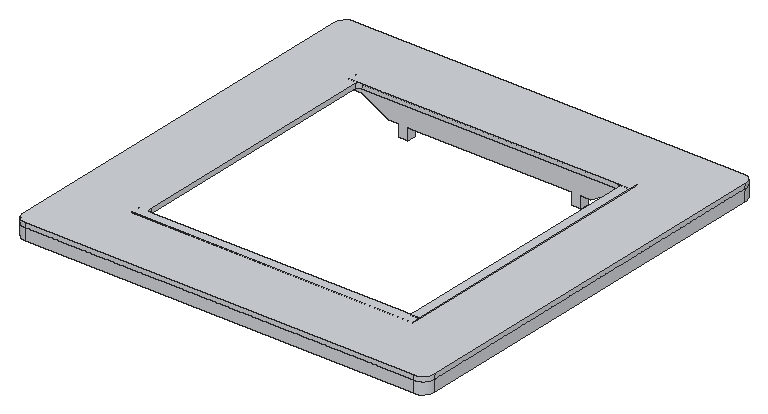
Revit family "Gira_0211335", category Electrical Fixtures, host Face, Revit 2017
Family settings
  Host = Face
  Maintain Annotation Orientation = No
  Round Connector Dimension = Use Diameter
  Part Type = Normal
  Cut with Voids When Loaded = No
  Shared = No
  Room Calculation Point = No
Parameters (values of type "Abdeckrahmen 1f flach Gira E2 Edelstahl")
  Werkstoffgüte = "edelstahl"
  Werkstoff = "Metall"
  URL = "http://katalog.gira.de/de_DE/datenblatt.html?artikelnr=0211335"
  Transparent = "No"
  Textfeld/Beschriftungsfläche = "No"
  Schutzart (IP) = "IP20"
  Region = "DE"
  Oberfläche = "sonstige"
  Name = "Abdeckrahmen 1f flach Gira E2 Edelstahl"
  Montagerichtung = "horizontal und vertikal"
  Mit Montagerahmen = "No"
  Mit Klappdeckel = "No"
  Manufacturer URL = "https://www.gira.de/"
  Keynote = "E2flach_Rahmen_1fach.stp"
  HeinzeBIM = "https://bimportal.heinze.de/bim/abdeckrahmen-1f-flach-gira-e2-edelstahl/dee0317a28306a9ae2e3cff616e5ec72865a74c6"
  Halogenfrei = "No"
  HAN = "0211335"
  Geeignet für Unterputz-Installation = "Yes"
  Geeignet für Unterflurkanaldose = "No"
  Geeignet für Geräteeinbaukanal = "No"
  Geeignet für Einbauinstallation = "No"
  GTIN = "4010337019855"
  Farbe = "edelstahl"
  Default Elevation = 1219.2 mm
  Data sheet (1) = "https://katalog.gira.de/de_DE/download.html?artikelnr=0211335"
  Category = "Abdeckrahmen"
  Befestigungsart = "Klemmbefestigung"
  Available = "Yes"
  Anzahl der Einheiten vertikal = "1 "
  Anzahl der Einheiten horizontal = "1 "
  Anzahl der Einheiten = "1 "
Reference planes
  plane 1 "Center (Front/Back)": y = 0
  plane 2: z = 0
  plane 3 "Center (Left/Right)": x = 0
Forms (mm)
  Extrusion 1, solid, detail levels fine
    sketch origin (0, 0, 0) x (1, 0, 0) y (0, 1, 0)
      loop
        arc (-41.4, 43.9) -> (-43.168, 43.168) -> (-43.9, 41.4) r 2.5
        line (-43.9, 41.4) -> (-43.9, -41.4)
        arc (-43.9, -41.4) -> (-43.168, -43.168) -> (-41.4, -43.9) r 2.5
        line (-41.4, -43.9) -> (41.4, -43.9)
        arc (41.4, -43.9) -> (43.168, -43.168) -> (43.9, -41.4) r 2.5
        line (43.9, -41.4) -> (43.9, 41.4)
        arc (43.9, 41.4) -> (43.168, 43.168) -> (41.4, 43.9) r 2.5
        line (41.4, 43.9) -> (-41.4, 43.9)
      loop
        spline (-28.144, -27.245) -> (-28.136, -27.363) -> (-28.113, -27.478) -> (-28.075, -27.589) -> (-28.023, -27.695) -> (-27.958, -27.792) -> (-27.881, -27.881) -> (-27.792, -27.958) -> (-27.695, -28.023) -> (-27.589, -28.075) -> (-27.478, -28.113) -> (-27.363, -28.136) -> (-27.245, -28.144)
        line (-27.245, -28.144) -> (27.245, -28.144)
        spline (27.245, -28.144) -> (27.363, -28.136) -> (27.478, -28.113) -> (27.589, -28.075) -> (27.695, -28.023) -> (27.792, -27.958) -> (27.881, -27.881) -> (27.958, -27.792) -> (28.023, -27.695) -> (28.075, -27.589) -> (28.113, -27.478) -> (28.136, -27.363) -> (28.144, -27.245)
        line (28.144, -27.245) -> (28.144, 27.245)
        spline (28.144, 27.245) -> (28.136, 27.363) -> (28.113, 27.478) -> (28.075, 27.589) -> (28.023, 27.695) -> (27.958, 27.792) -> (27.881, 27.881) -> (27.792, 27.958) -> (27.695, 28.023) -> (27.589, 28.075) -> (27.478, 28.113) -> (27.363, 28.136) -> (27.245, 28.144)
        line (27.245, 28.144) -> (-27.245, 28.144)
        spline (-27.245, 28.144) -> (-27.363, 28.136) -> (-27.478, 28.113) -> (-27.589, 28.075) -> (-27.695, 28.023) -> (-27.792, 27.958) -> (-27.881, 27.881) -> (-27.958, 27.792) -> (-28.023, 27.695) -> (-28.075, 27.589) -> (-28.113, 27.478) -> (-28.136, 27.363) -> (-28.144, 27.245)
        line (-28.144, 27.245) -> (-28.144, -27.245)
    from 2.5 to 3.4
  Extrusion 2, solid, detail levels fine
    sketch origin (0, 0, 0) x (1, 0, 0) y (0, 1, 0)
      loop
        arc (-41.4, 43.9) -> (-43.168, 43.168) -> (-43.9, 41.4) r 2.5
        line (-43.9, 41.4) -> (-43.9, -41.4)
        arc (-43.9, -41.4) -> (-43.168, -43.168) -> (-41.4, -43.9) r 2.5
        line (-41.4, -43.9) -> (41.4, -43.9)
        arc (41.4, -43.9) -> (43.168, -43.168) -> (43.9, -41.4) r 2.5
        line (43.9, -41.4) -> (43.9, 41.4)
        arc (43.9, 41.4) -> (43.168, 43.168) -> (41.4, 43.9) r 2.5
        line (41.4, 43.9) -> (-41.4, 43.9)
      loop
        arc (-41.4, 43.4) -> (-42.814, 42.814) -> (-43.4, 41.4) r 2
        line (-43.4, 41.4) -> (-43.4, -41.4)
        arc (-43.4, -41.4) -> (-42.814, -42.814) -> (-41.4, -43.4) r 2
        line (-41.4, -43.4) -> (41.4, -43.4)
        arc (41.4, -43.4) -> (42.814, -42.814) -> (43.4, -41.4) r 2
        line (43.4, -41.4) -> (43.4, 41.4)
        arc (43.4, 41.4) -> (42.814, 42.814) -> (41.4, 43.4) r 2
        line (41.4, 43.4) -> (-41.4, 43.4)
    from 0 to 2.5
  Extrusion 3, solid, detail levels fine
    sketch origin (0, 0, 0) x (1, 0, 0) y (0, 0, 1)
      loop
        line (-17.5, -4.06) -> (-17.5, -1.56) -> (17.5, -1.56) -> (17.5, -4.06) -> (19.5, -4.06) -> (19.5, -1.56) -> (21.654, -1.56) -> (27.214, 1.65) -> (30, 1.65) -> (30, 3.4) -> (-30, 3.4) -> (-30, 1.65) -> (-27.214, 1.65) -> (-21.654, -1.56) -> (-19.5, -1.56) -> (-19.5, -4.06) -> (-17.5, -4.06)
    from 28.144 to 30
  Extrusion 4, solid, detail levels fine
    sketch origin (0, 0, 0) x (0, -1, 0) y (0, 0, -1)
      loop
        line (-17.5, 4.06) -> (-19.5, 4.06) -> (-19.5, 1.56) -> (-21.654, 1.56) -> (-27.214, -1.65) -> (-28.144, -1.65) -> (-28.144, -3.4) -> (28.144, -3.4) -> (28.144, -1.65) -> (27.214, -1.65) -> (21.654, 1.56) -> (19.5, 1.56) -> (19.5, 4.06) -> (17.5, 4.06) -> (17.5, 1.56) -> (-17.5, 1.56) -> (-17.5, 4.06)
    from 28.144 to 30
  Extrusion 5, solid, detail levels medium
    sketch origin (0, 0, 0) x (0, -1, 0) y (0, 0, 1)
      loop
        line (-17.5, -4.06) -> (-17.5, -1.56) -> (17.5, -1.56) -> (17.5, -4.06) -> (19.5, -4.06) -> (19.5, -1.56) -> (28.144, -1.56) -> (28.144, 3.4) -> (-28.144, 3.4) -> (-28.144, -1.56) -> (-19.5, -1.56) -> (-19.5, -4.06) -> (-17.5, -4.06)
    from 28.144 to 30
  Extrusion 6, solid, detail levels fine
    sketch origin (0, 0, 0) x (1, 0, 0) y (0, 0, -1)
      loop
        line (-17.5, 4.06) -> (-19.5, 4.06) -> (-19.5, 1.56) -> (-21.654, 1.56) -> (-27.214, -1.65) -> (-30, -1.65) -> (-30, -3.4) -> (30, -3.4) -> (30, -1.65) -> (27.214, -1.65) -> (21.654, 1.56) -> (19.5, 1.56) -> (19.5, 4.06) -> (17.5, 4.06) -> (17.5, 1.56) -> (-17.5, 1.56) -> (-17.5, 4.06)
    from 28.144 to 30
  Extrusion 7, solid, detail levels coarse
    sketch origin (0, 0, 0) x (1, 0, 0) y (0, 1, 0)
      loop
        line (-43.9, 43.9) -> (-43.9, -43.9) -> (43.9, -43.9) -> (43.9, 43.9) -> (-43.9, 43.9)
    from -4.06 to 3.4
  Extrusion 8, solid, detail levels medium
    sketch origin (0, 0, 0) x (1, 0, 0) y (0, 1, 0)
      loop
        line (-43.9, 43.9) -> (-43.9, -43.9) -> (43.9, -43.9) -> (43.9, 43.9) -> (-43.9, 43.9)
    from 0 to 3.4
  Extrusion 9, solid, detail levels medium
    sketch origin (0, 0, 0) x (1, 0, 0) y (0, 0, 1)
      loop
        line (-17.5, -4.06) -> (-17.5, -1.56) -> (17.5, -1.56) -> (17.5, -4.06) -> (19.5, -4.06) -> (19.5, -1.56) -> (30, -1.56) -> (30, 3.4) -> (-30, 3.4) -> (-30, -1.56) -> (-19.5, -1.56) -> (-19.5, -4.06) -> (-17.5, -4.06)
    from 28.144 to 30
  Extrusion 10, solid, detail levels medium
    sketch origin (0, 0, 0) x (1, 0, 0) y (0, 0, -1)
      loop
        line (-17.5, 4.06) -> (-19.5, 4.06) -> (-19.5, 1.56) -> (-30, 1.56) -> (-30, -3.4) -> (30, -3.4) -> (30, 1.56) -> (19.5, 1.56) -> (19.5, 4.06) -> (17.5, 4.06) -> (17.5, 1.56) -> (-17.5, 1.56) -> (-17.5, 4.06)
    from 28.144 to 30
  Extrusion 11, solid, detail levels medium
    sketch origin (0, 0, 0) x (0, -1, 0) y (0, 0, -1)
      loop
        line (-17.5, 4.06) -> (-19.5, 4.06) -> (-19.5, 1.56) -> (-28.144, 1.56) -> (-28.144, -3.4) -> (28.144, -3.4) -> (28.144, 1.56) -> (19.5, 1.56) -> (19.5, 4.06) -> (17.5, 4.06) -> (17.5, 1.56) -> (-17.5, 1.56) -> (-17.5, 4.06)
    from 28.144 to 30
Lines and regions (mm)
  reference lines
    curve 1: line (0, 43.9, 0) -> (0, -43.9, 0)
Dimensions and locks
  aligned and locked: plane 2 to host face
  aligned and locked: level to host face
